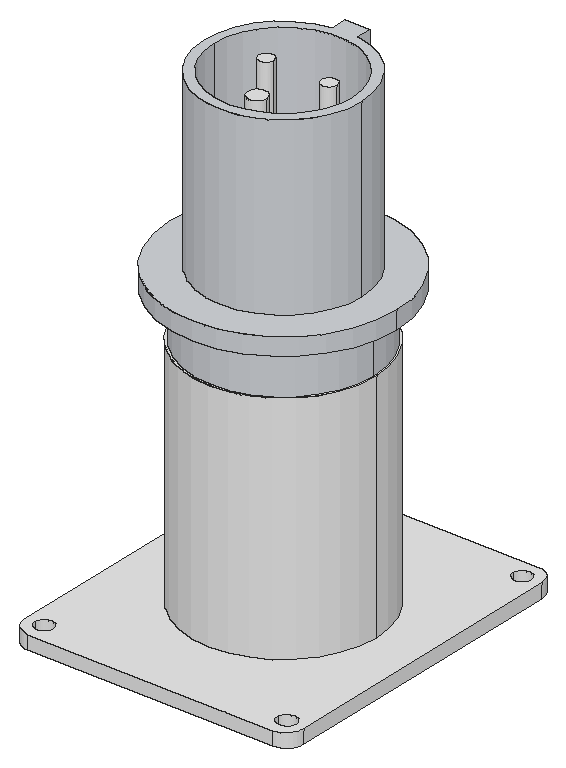
Revit family "Building-IEC309Connections-GEWISS-IEC309HP-STRAIGHT_FLUSH_MOUNT_INLET_32A_IP44", category Apparecchi elettrici, host Superficie, Revit 2019
Family settings
  Host = Superficie
  Mantenere orientamento annotazione = Sì
  Quota connettore circolare = Usa diametro
  Tipo di parte = Normale
  Taglio con vuoti quando caricato = No
  Condiviso = Sì
  Punto di calcolo locali = Sì
Parameters (values of type "GW60222 - IP44 APPL.INLET 3P+N+E 32A 500V 7H")
  simbolo acceso [instance] = yes
  distanza_simbolo [instance] = 1 mm
  distanza dal piano [instance] = 0 mm
  W = 115 mm  # constant formula
  Voltaggio = 0 V
  Version file RFA = "21.11"
  URL = "https://www.gewiss.com/ww/en"
  Typology = "Straight flush mounting inlet"
  Type of wiring = "With screw"
  Total number of operations = "-2000"
  Thermo-pressure with ball = "125 °C (active parts) - 80 °C (passive parts)"
  Terminal tightening capacity = "2.5-6mm² flexible cables - 2.5-10mm² rigid cables"
  Technical sheet = "https://www.gewiss.com/ww/en/search?q=GW60222"
  Spostamento_effettivo_S [instance] = 4000 mm - Spostamento_S  # 3040 mm
  Spostamento_S = 960 mm
  Shock resistance = "IK08"
  SPinotto = Default(2)
  SEO = "Inlet"
  Reference h = "7"
  Realized by GEWISS S.p.A. = ""
  Rated voltage = "480-500V"
  Rated current (A) = "32"
  Default Elevation = 1219.2 mm
  Produttore = "GEWISS S.p.A."
  Piastra = Default(2)
  Permissible overload = "42A"
  Operating temperature: = "-25 +55 °C"
  No. of poles = "3P+N+E"
  N.poli = 1
  Modello = "GW60222"
  L = 155 mm  # constant formula
  Insulation resistance = "- 10 M?"
  Immagine tipo = <Nessuno>
  IP degree = "IP44"
  IDT = "03bc9251df5d46109917e1efa5825c03"
  IDF = "6689fe8d-dd6b-4c66-bbee-465863364c7b"
  Glow wire test: = "850 °C (active parts) - 650 °C (passive parts)"
  Frequency = "50/60 Hz"
  Flange dimensions (mm) = "95x80"
  FORMULA = 1000 mm * 1  # 1000 mm
  Electrocod = "2230"
  Descrizione = "IP44 APPL.INLET 3P+N+E 32A 500V 7H"
  Corpo centrale = Default(2)
  Colour: = "Black"
  Catalogue = "BUILDING"
  COBie.Tagnumber = ""
  COBie.CreatedOn = ""
  COBie.CreatebBy = ""
  COBie.ComponentRegisterItemID = ""
  COBie.Component.TagNumber = ""
  COBie.Component.Space = ""
  COBie.Component.SerialNumber = ""
  COBie.Component.InstallationDate = ""
  COBie.Component.Description = ""
  COBie.Component.BarCode = ""
  Breaking capacity at 1.1 Un = "40A"
  BLOCCO = "B=C"
Types (11, lengths in mm): name | Technical sheet | Reference h | Rated voltage | No. of poles | Modello | IDT | Descrizione | Colour:
  GW60212 - IP44 APPL.INLET 2P+E 32A 110V 4H | "https://www.gewiss.com/ww/en/search?q=GW60212" | "4" | "100-130V" | "2P+E" | "GW60212" | "5957e123738947828010979f5ac80918" | "IP44 APPL.INLET 2P+E 32A 110V 4H" | "Yellow"
  GW60213 - IP44 APPL.INLET 3P+E 32A 110V 4H | "https://www.gewiss.com/ww/en/search?q=GW60213" | "4" | "100-130V" | "3P+E" | "GW60213" | "360fe01cf45945a793aa11d1b4831f5e" | "IP44 APPL.INLET 3P+E 32A 110V 4H" | "Yellow"
  GW60214 - IP44 APPL.INLET 3P+N+E 32A 110V 4H | "https://www.gewiss.com/ww/en/search?q=GW60214" | "4" | "100-130V" | "3P+N+E" | "GW60214" | "a7b5e83058fc4193af9304654423870b" | "IP44 APPL.INLET 3P+N+E 32A 110V 4H" | "Yellow"
  GW60215 - IP44 APPL.INLET 2P+E 32A 230V 6H | "https://www.gewiss.com/ww/en/search?q=GW60215" | "6" | "200-250V" | "2P+E" | "GW60215" | "af181124651646ebacf77a13affe9c31" | "IP44 APPL.INLET 2P+E 32A 230V 6H" | "Blue"
  GW60216 - IP44 APPL.INLET 3P+E 32A 230V 9H | "https://www.gewiss.com/ww/en/search?q=GW60216" | "9" | "200-250V" | "3P+E" | "GW60216" | "ac2094825a584a25acc256ca2b0e4219" | "IP44 APPL.INLET 3P+E 32A 230V 9H" | "Blue"
  GW60217 - IP44 APPL.INLET 3P+N+E 32A 230V 9H | "https://www.gewiss.com/ww/en/search?q=GW60217" | "9" | "200-250V" | "3P+N+E" | "GW60217" | "1aa5043804a34d8aa795df6df294ae83" | "IP44 APPL.INLET 3P+N+E 32A 230V 9H" | "Blue"
  GW60218 - IP44 APPL.INLET 2P+E 32A 400V 9H | "https://www.gewiss.com/ww/en/search?q=GW60218" | "9" | "380-415V" | "2P+E" | "GW60218" | "b3e47c4d5e9544a0aa77b37ff068d231" | "IP44 APPL.INLET 2P+E 32A 400V 9H" | "Red"
  GW60219 - IP44 APPL.INLET 3P+E 32A 400V 6H | "https://www.gewiss.com/ww/en/search?q=GW60219" | "6" | "380-415V" | "3P+E" | "GW60219" | "25c3821e1645438baeb7df6a724ede2b" | "IP44 APPL.INLET 3P+E 32A 400V 6H" | "Red"
  GW60220 - IP44 APPL.INLET 3P+N+E 32A 400V 6H | "https://www.gewiss.com/ww/en/search?q=GW60220" | "6" | "380-415V" | "3P+N+E" | "GW60220" | "7a4977bbb7e84abd91370ac63e5e0ef3" | "IP44 APPL.INLET 3P+N+E 32A 400V 6H" | "Red"
  GW60221 - IP44 APPL.INLET 3P+E 32A 500V 7H | "https://www.gewiss.com/ww/en/search?q=GW60221" | "7" | "480-500V" | "3P+E" | "GW60221" | "e6bd1bdd790845dd9f171d811e444151" | "IP44 APPL.INLET 3P+E 32A 500V 7H" | "Black"
  GW60222 - IP44 APPL.INLET 3P+N+E 32A 500V 7H | "https://www.gewiss.com/ww/en/search?q=GW60222" | "7" | "480-500V" | "3P+N+E" | "GW60222" | "03bc9251df5d46109917e1efa5825c03" | "IP44 APPL.INLET 3P+N+E 32A 500V 7H" | "Black"
Reference planes
  plane 1 "Centro (Fronte/Retro)": y = 0
  plane 2: z = 0
  plane 3 "Centro (Sinistra/Destra)": x = 0
  plane 4: x = -3000
  plane 5: x = 40
  plane 6: z = 0
Dimensions and locks
  plane 4 to plane 3 "Centro (Sinistra/Destra)" = 3000 mm
  "Spostamento_effettivo_S": plane 4 to plane 5
  "distanza dal piano": plane 6 to plane 2
  aligned and locked: plane 2 to host face
  aligned and locked: level to host face
  aligned and locked: plane 3 "Centro (Sinistra/Destra)" to nested 1
  aligned and locked: plane 1 "Centro (Fronte/Retro)" to nested 1
  aligned and locked: nested 2 to plane 5
  aligned and locked: nested 1 to host face
Automatic sketch dimensions
  host sketch curve to host sketch curve = 2438.4 mm  (x2)
Nested families
  nested 1: "base" at (0, 0, 0), type "base"
  nested 2: "simbolo_circuito_GW60201" at (40, 171.559, 0), visible <- "simbolo acceso", Distanza dal muro <- "distanza_simbolo", type "3P"
    with SIMBOLO ACCESO yes, Distanza dal muro 1 mm
Connectors
  electrical at (40, 47.5, 0), driven by "N.poli", driven by "Voltaggio"
    settings: on nested 1, index 1, voltage 0 V, apparent load 0 VA, apparent load phase1 0 VA, apparent load phase2 0 VA, apparent load phase3 0 VA, power factor 1, load classification "Altro", number of poles 1, system type 31, power factor state 1, is connector primary yes, connector utility no, sub classification motor no, connector description ""
Definition of nested family "base"
  Parameters (values of type "base")
    h = 95 mm
    dis_base = 71 mm
    Spinotto = none
    PIASTRA = none
    Lunghezza totale = 140 mm
    CENTRALE = none
    Bsae = 80 mm
  Reference planes
    plane 1 "Centro (Fronte/Retro)": y = 0
    plane 2: z = 0
    plane 3 "Centro (Sinistra/Destra)": x = 0
    plane 4 "EEE": through (4267.2, -291.041, 143.375) normal (0, -0.788, -0.6157)
    plane 5: x = 48
    plane 6: x = 80
    plane 7: y = 95
    plane 8: z = 4
    plane 9: y = 89.607
    plane 10: x = 74.724
    plane 11: x = 5.276
    plane 12: y = 5.392
    plane 13: y = 38.178
    plane 14: x = 40
    plane 15: y = 52.668
    plane 16: x = 31
    plane 17: x = 49
    plane 18: y = 47.5
    plane 19: z = 71
    plane 20: z = 85
    plane 21: z = 90
    plane 22: z = 140
    plane 23: z = 137.786
  Forms (mm)
    Extrusion 1, solid, material <- "PIASTRA"
      sketch origin (0, 0, 0) x (1, 0, 0) y (0, 1, 0)
        loop
          arc (5, 95) -> (1.464, 93.536) -> (0, 90) r 5
          line (0, 90) -> (0, 5)
          arc (0, 5) -> (1.464, 1.464) -> (5, 0) r 5
          line (5, 0) -> (75, 0)
          arc (75, 0) -> (78.536, 1.464) -> (80, 5) r 5
          line (80, 5) -> (80, 90)
          arc (80, 90) -> (78.536, 93.536) -> (75, 95) r 5
          line (75, 95) -> (5, 95)
      from 0 to 4
    Extrusion 2, void
      sketch origin (0, 0, 0) x (1, 0, 0) y (0, 1, 0)
        loop
          circle (5.276, 89.607) r 2.665
        loop
          circle (74.724, 89.607) r 2.602
        loop
          circle (74.724, 5.392) r 2.692
        loop
          circle (5.276, 5.392) r 2.603
      from 0 to 4
    Extrusion 3, solid, material <- "CENTRALE"
      sketch origin (0, 0, 0) x (1, 0, 0) y (0, 1, 0)
        loop
          circle (40, 47.5) r 26.675
      from 4 to 71
    Extrusion 4, solid
      sketch origin (0, 0, 0) x (1, 0, 0) y (0, 1, 0)
        loop
          circle (40, 47.5) r 26
      from 71 to 85
    Extrusion 5, solid
      sketch origin (0, 0, 0) x (1, 0, 0) y (0, 1, 0)
        loop
          circle (40, 47.5) r 32.5
      from 85 to 90
    Extrusion 6, solid
      sketch origin (0, 0, 0) x (1, 0, 0) y (0, 1, 0)
        loop
          circle (40, 47.5) r 22.572
        loop
          circle (40, 47.5) r 19.816
      from 90 to 140
    Extrusion 7, solid, material <- "Spinotto"
      sketch origin (0, 0, 0) x (1, 0, 0) y (0, 1, 0)
        loop
          circle (31, 52.668) r 2.069
        loop
          circle (49, 52.668) r 2.139
        loop
          circle (40, 38.178) r 2.694
      from 90 to 137.786
    Extrusion 8, solid
      sketch origin (0, 0, 0) x (1, 0, 0) y (0, 1, 0)
        loop
          line (43.532, 69.794) -> (43.532, 73.927)
          arc (43.532, 73.927) -> (39.951, 74.174) -> (36.371, 73.927) r 26.002
          line (36.371, 73.927) -> (36.371, 69.778)
          arc (36.371, 69.778) -> (39.951, 70.072) -> (43.532, 69.794) r 22.572
      from 90 to 140
  Cuts and joins
    Extrusion 2 cuts Extrusion 1
    joined: Extrusion 5, Extrusion 6, Extrusion 8
  Lines and regions (mm)
    symbolic lines
      curve 1: line (270.256, 355.85, 0) -> (282.43, 355.85, 0)
  Dimensions and locks
    "Bsae": plane 3 "Centro (Sinistra/Destra)" to plane 6
    "h": plane 1 "Centro (Fronte/Retro)" to plane 7
    locked: plane 8 to level at 4
    locked: plane 3 "Centro (Sinistra/Destra)" to plane 11 at 5.276
    locked: plane 10 to plane 6 at 5.276
    locked: plane 1 "Centro (Fronte/Retro)" to plane 12 at 5.392
    locked: plane 20 to plane 19 at 14
    locked: plane 21 to plane 20 at 5
    "Lunghezza totale": plane 22 to level
    locked: plane 22 to plane 23 at 2.214
    "dis_base": plane 19 to level
    equal spacing: plane 3 "Centro (Sinistra/Destra)", plane 14, plane 6
    locked: plane 16 to plane 14 at 9
    locked: plane 14 to plane 17 at 9
    locked: plane 15 to plane 18 at 5.168
    locked: plane 18 to plane 13 at 9.322
    locked: plane 7 to plane 9 at 5.393
    equal spacing: plane 1 "Centro (Fronte/Retro)", plane 18, plane 7
    radius of Extrusion 1 sketch curve = 5 mm  (x4)
    aligned and locked: level to plane 2
    aligned and locked: Extrusion 1 to level
    aligned and locked: plane 8 to Extrusion 1
    aligned and locked: Extrusion 2 to level
    aligned and locked: plane 8 to Extrusion 2
    aligned and locked: plane 14 to Extrusion 3 sketch curve
    aligned and locked: plane 18 to Extrusion 3 sketch curve
    aligned and locked: Extrusion 3 to plane 8
    aligned and locked: plane 19 to Extrusion 3
    aligned and locked: Extrusion 4 to plane 19
    aligned and locked: plane 20 to Extrusion 4
    aligned and locked: plane 14 to Extrusion 4 sketch curve
    aligned and locked: plane 18 to Extrusion 4 sketch curve
    aligned and locked: plane 18 to Extrusion 5 sketch curve
    aligned and locked: plane 14 to Extrusion 5 sketch curve
    aligned and locked: Extrusion 5 to plane 20
    aligned and locked: Extrusion 5 to plane 21
    aligned and locked: plane 18 to Extrusion 6 sketch curve  (x2)
    aligned and locked: plane 14 to Extrusion 6 sketch curve  (x2)
    aligned and locked: plane 21 to Extrusion 6
    aligned and locked: plane 22 to Extrusion 6
    aligned and locked: plane 15 to Extrusion 7 sketch curve  (x2)
    aligned and locked: plane 14 to Extrusion 7 sketch curve
    aligned and locked: plane 16 to Extrusion 7 sketch curve
    aligned and locked: plane 17 to Extrusion 7 sketch curve
    aligned and locked: plane 21 to Extrusion 7
    aligned and locked: plane 23 to Extrusion 7
    aligned and locked: plane 21 to cut or joined group of Extrusion 5, Extrusion 6, Extrusion 8
    aligned and locked: plane 22 to cut or joined group of Extrusion 5, Extrusion 6, Extrusion 8
  Automatic sketch dimensions
    Extrusion 1 sketch curve to plane 3 "Centro (Sinistra/Destra)" = 0 mm
    Extrusion 1 sketch curve to plane 7 = 0 mm
    plane 1 "Centro (Fronte/Retro)" to Extrusion 1 sketch curve = 0 mm
    Extrusion 1 sketch curve to plane 6 = 0 mm
    Extrusion 2 sketch curve to plane 11 = 0 mm  (x2)
    Extrusion 2 sketch curve to plane 9 = 0 mm  (x2)
    Extrusion 2 sketch curve to plane 10 = 0 mm  (x2)
    Extrusion 2 sketch curve to plane 12 = 0 mm  (x2)
    Extrusion 7 sketch curve to plane 13 = 0 mm
    curve 1 to plane 6 = 190.256 mm
    plane 7 to curve 1 = 260.85 mm
    curve 1 to curve 1 = 12.174 mm
    Extrusion 8 sketch curve to plane 14 = 3.629 mm
    Extrusion 8 sketch curve to plane 14 = 0.049 mm
    plane 18 to Extrusion 8 sketch curve = 0.673 mm
    plane 14 to Extrusion 8 sketch curve = 3.532 mm
    Extrusion 8 sketch curve to Extrusion 8 sketch curve = 4.133 mm
    Extrusion 8 sketch curve to plane 14 = 0 mm
    Extrusion 8 sketch curve to plane 18 = 0 mm
    Extrusion 8 sketch curve to Extrusion 8 sketch curve = 0.016 mm
    radius of Extrusion 2 sketch curve = 2.665 mm
    radius of Extrusion 2 sketch curve = 2.602 mm
    radius of Extrusion 2 sketch curve = 2.692 mm
    radius of Extrusion 2 sketch curve = 2.603 mm
    radius of Extrusion 3 sketch curve = 26.675 mm
    radius of Extrusion 4 sketch curve = 26 mm
    radius of Extrusion 5 sketch curve = 32.5 mm
    radius of Extrusion 6 sketch curve = 22.572 mm
    radius of Extrusion 6 sketch curve = 19.816 mm
    radius of Extrusion 7 sketch curve = 2.069 mm
    radius of Extrusion 7 sketch curve = 2.139 mm
    radius of Extrusion 7 sketch curve = 2.694 mm
Definition of nested family "simbolo_circuito_GW60201"
  Parameters (values of type "3P")
    SIMBOLO ACCESO [instance] = yes
    Distanza dal muro [instance] = 0 mm
  Reference planes
    plane 1: y = 0
    plane 2: x = 0
  Dimensions and locks
    "Distanza dal muro": plane 1 to nested 1
    aligned and locked: plane 2 to nested 1
  Nested families
    nested 1: "simbolo_circuito_GW60201_base" at (0, 0, 0), visible <- "SIMBOLO ACCESO", type "3P"
      with CORNICE SIMBOLO yes
  Definition of nested family "simbolo_circuito_GW60201_base"
    Parameters (values of type "3P")
      CORNICE SIMBOLO [instance] = yes
      3P = yes
    Types (2, lengths in mm): name | 3P
      3P | yes
      2P | no
    Reference planes
      plane 1: y = 0
      plane 2: x = 0
    Lines and regions (mm)
      detail lines
        curve 1: arc (0.298, 0.46, 0) -> (0, 0.758, 0) -> (-0.298, 0.46, 0) r 0.298
        curve 2: arc (0.139, 0.652, 0) -> (0, 0.731, 0) -> (-0.139, 0.652, 0) r 0.163
        curve 3: arc (-0.139, 0.106, 0) -> (0, 0.027, 0) -> (0.139, 0.106, 0) r 0.163
        curve 4: circle (0, 2.381, 0) r 0.05 normal (0, 0, 1)
        curve 5: line (0, 3.386, 0) -> (0, 0.758, 0)
        curve 6: line (-0.139, 0.652, 0) -> (-0.139, 0.106, 0)
        curve 7: line (0.139, 0.652, 0) -> (0.139, 0.106, 0)
      detail lines, not visible
        curve 8: arc (2.679, 0.46, 0) -> (2.381, 0.758, 0) -> (2.083, 0.46, 0) r 0.298
        curve 9: arc (2.52, 0.652, 0) -> (2.381, 0.731, 0) -> (2.241, 0.652, 0) r 0.163
        curve 10: arc (2.241, 0.106, 0) -> (2.381, 0.027, 0) -> (2.52, 0.106, 0) r 0.163
        curve 11: circle (2.381, 2.381, 0) r 0.05 normal (0, 0, 1)
        curve 12: line (2.381, 3.386, 0) -> (2.381, 0.758, 0)
        curve 13: line (2.241, 0.652, 0) -> (2.241, 0.106, 0)
        curve 14: line (2.52, 0.652, 0) -> (2.52, 0.106, 0)
